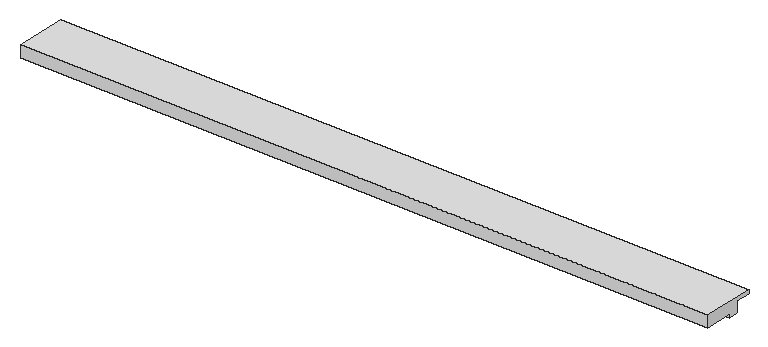
Revit family "11-TRIMBOARD-AND-STEALTH-TRIM-CADS-118-5-X-4-STEALTH-WITH-FLANGE-4-REVIT_Versatex-Generic-Model-5-4in-x-4in-STEALTH-w-FLANGE", category Generic Models, host Face, Revit 2026
Family settings
  Host = Face
  Can host rebar = No
  Round Connector Dimension = Use Diameter
  Part Type = Normal
  Cut with Voids When Loaded = No
  Maintain Annotation Orientation = No
  Shared = No
  Room Calculation Point = No
Parameters
  Model = "SNFTBSM/TR540418"
  Length = 4' - 0"
  Warranty = "https://versatex.com/warranty/"
  URL = "https://versatex.com/"
  Specification = "https://www.arcat.com/company/versatex-45716/spec?coid=45716"
  Sales Information = "https://versatex.com/dealer-locator/"
  Message Manufacturer = "https://versatex.com/contact/"
  Material = Versatex PVC - Smooth
  Manufacturer Website = "https://versatex.com/"
  Manufacturer Phone = "724-857-1111"
  Manufacturer Fax = "724-857-1171"
  Manufacturer Address = "400 Steel Street, Aliquippa, PA 15001"
  Manufacturer = "Versatex"
  Literature = "https://versatex.com/literature/?_sft_literature_category=cads"
  Description = "NOMINAL 5/4\" X 4\" STEALTH W/ FLANGE SLOT"
  Default Elevation = 4' - 0"
  Copyright = "© 2024 VERSATEX Building Products, LLC"
Reference planes (in)
  plane 1 "Center (Front/Back)": y = 0
  plane 2: z = 0
  plane 3 "Center (Left/Right)": x = 0
  plane 4: x = 24
  plane 5: x = -24
Forms (in)
  Sweep 1, solid, material "Versatex PVC - Smooth" <- "Material"
    path origin (0, 0, 0) x (1, 0, 0) y (0, 1, 0)
      loop
        line (-24, 0) -> (24, 0)
    profile "Versatex_Profile_5-4” x 4” STEALTH w FLANGE : Versatex_Profile_5-4” x 4” STEALTH w FLANGE" origin (0, 0, 0) x (0, 1, 0) y (0, 0, 1)
      loop
        line (2.5, 0) -> (2.5, 0.75) -> (3.5, 0.75) -> (3.5, 1) -> (0, 1) -> (0, 0.19) -> (1.87, 0.19) -> (1.87, 0) -> (2.5, 0)
Dimensions and locks (in)
  "Length": plane 5 to plane 4
  equal spacing: plane 5, plane 3 "Center (Left/Right)", plane 4, locked at 24 each
  aligned and locked: plane 2 to host face
  aligned and locked: level to host face
Automatic sketch dimensions
  host sketch curve to host sketch curve = 8' - 0"  (x2)
  plane 1 "Center (Front/Back)" to Sweep 1 sketch curve = 0' - 0"
  Sweep 1 sketch curve to plane 5 = 0' - 0"
  Sweep 1 sketch curve to plane 4 = 0' - 0"
